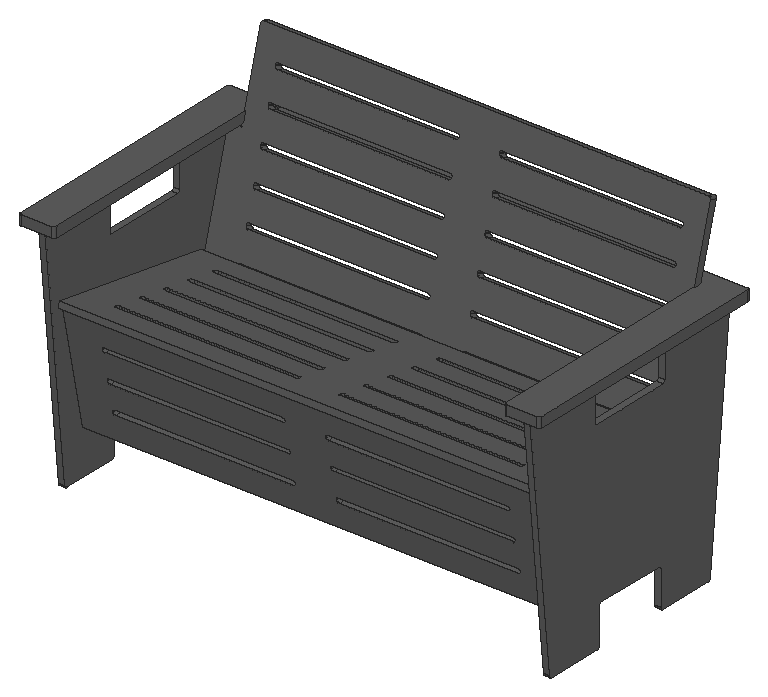
Revit family "Lollygagger Go Love Seat", category Furniture, Revit 2016
Family settings
  OmniClass Number = 23.40.20.00
  OmniClass Title = General Furniture and Specialties
  Work Plane-Based = No
  Always vertical = Yes
  Cut with Voids When Loaded = No
  Shared = No
  Room Calculation Point = No
Parameters (values of type "Loll-Black")
  Width = 2' - 2"  # constant formula
  URL = "https://lolldesigns.com/"
  Type Image = go_loveseat.jpg
  Thick = 0' - 1"  # constant formula
  Model = ""
  Manufacturer = "Lool"  # constant formula
  Length = 4' - 3 1/2"  # constant formula
  Height Top = 2' - 1"  # constant formula
  Finish Material = Loll-Black
  Apron = 1' - 8"  # constant formula
Reference planes (in)
  plane 1 "Center Front/Back": y = 0
  plane 2: z = 0
  plane 3 "Center Left/Right": x = 0
  plane 4: z = 25
  plane 5: z = 24
  plane 6: y = 13
  plane 7: y = -13
  plane 8: z = 4
  plane 9: x = -25.75
  plane 10: x = 25.75
  plane 11: y = 9.97754
  plane 12: y = -9.97778
  plane 13: x = 24.3125
  plane 14: x = 23.6875
  plane 15: x = -24.3125
  plane 16: x = -23.6875
  plane 17: x = -22.25
  plane 18: x = 22.25
  plane 19: through (0, 12.64166, 32.11792) normal (0, -0.9613, 0.2756)
  plane 20: through (0, 13.24245, 31.94564) normal (0, -0.9613, 0.2756)
  plane 21: through (-60.54339, -180.30144, 46.90656) normal (0, 0.1736, 0.9848)
  plane 22: through (-60.54339, -180.40997, 46.29106) normal (0, 0.1736, 0.9848)
Forms (in)
  Extrusion 1, solid, material "Loll-Black" <- "Finish Material"
    sketch origin (8.0625, 0.28155, 0) x (1, 0, 0) y (0, 1, 0)
      loop
        arc (-33.5633, 12.71845) -> (-33.73951, 12.64546) -> (-33.8125, 12.46925) r 0.2492
        line (-33.8125, 12.46925) -> (-33.8125, -13.03428)
        arc (-33.8125, -13.03428) -> (-33.74008, -13.20912) -> (-33.56523, -13.28155) r 0.24727
        line (-33.56523, -13.28155) -> (-30.55977, -13.28155)
        arc (-30.55977, -13.28155) -> (-30.38492, -13.20912) -> (-30.3125, -13.03428) r 0.24727
        line (-30.3125, -13.03428) -> (-30.3125, 10.72442)
        arc (-30.3125, 10.72442) -> (-30.23928, 10.9012) -> (-30.0625, 10.97442) r 0.25
        line (-30.0625, 10.97442) -> (-29.0625, 10.97442)
        arc (-29.0625, 10.97442) -> (-28.88572, 11.04765) -> (-28.8125, 11.22442) r 0.25
        line (-28.8125, 11.22442) -> (-28.8125, 12.46925)
        arc (-28.8125, 12.46925) -> (-28.88549, 12.64546) -> (-29.0617, 12.71845) r 0.2492
        line (-29.0617, 12.71845) -> (-33.5633, 12.71845)
    from 24 to 25
  Extrusion 2, solid, material "Loll-Black" <- "Finish Material"
    sketch origin (-10.5, 0, 0) x (0, 1, 0) y (0, 0, 1)
      loop
        line (12.39892, 24) -> (4.37245, 24) -> (4.37245, 20.25)
        arc (4.37245, 20.25) -> (4.29923, 20.07322) -> (4.12245, 20) r 0.25
        line (4.12245, 20) -> (-4.12245, 20)
        arc (-4.12245, 20) -> (-4.29923, 20.07322) -> (-4.37245, 20.25) r 0.25
        line (-4.37245, 20.25) -> (-4.37245, 24) -> (-12.39892, 24) -> (-9.89994, 0.22387)
        arc (-9.89994, 0.22387) -> (-9.8186, 0.06421) -> (-9.65131, 0) r 0.25
        line (-9.65131, 0) -> (-4.12623, 0)
        arc (-4.12623, 0) -> (-3.94945, 0.07322) -> (-3.87623, 0.25) r 0.25
        line (-3.87623, 0.25) -> (-3.87623, 3.76155)
        arc (-3.87623, 3.76155) -> (-3.803, 3.93832) -> (-3.62623, 4.01155) r 0.25
        line (-3.62623, 4.01155) -> (3.62623, 4.01155)
        arc (3.62623, 4.01155) -> (3.803, 3.93832) -> (3.87623, 3.76155) r 0.25
        line (3.87623, 3.76155) -> (3.87623, 0.24753)
        arc (3.87623, 0.24753) -> (3.94873, 0.0725) -> (4.12376, 0) r 0.24753
        line (4.12376, 0) -> (9.6536, 0)
        arc (9.6536, 0) -> (9.81918, 0.06356) -> (9.89971, 0.22159) r 0.24746
        line (9.89971, 0.22159) -> (12.39892, 24)
    from -13.8125 to -13.1875
  Extrusion 3, solid, material "Loll-Black" <- "Finish Material"
    sketch origin (-11.5, 5.46875, 16) x (1, 0, 0) y (0, -1, 0)
      loop
        line (-11.99511, 15.2162) -> (-12.99721, 15.2162)
        arc (-12.99721, 15.2162) -> (-13.6179, 14.9591) -> (-13.875, 14.33841) r 0.87779
        line (-13.875, 14.33841) -> (-13.875, 13.33174)
        arc (-13.875, 13.33174) -> (-13.62149, 12.71971) -> (-13.00946, 12.4662) r 0.86554
        line (-13.00946, 12.4662) -> (-11.99664, 12.4662)
        arc (-11.99664, 12.4662) -> (-11.3803, 12.7215) -> (-11.125, 13.33784) r 0.87164
        line (-11.125, 13.33784) -> (-11.125, 14.34609)
        arc (-11.125, 14.34609) -> (-11.37985, 14.96135) -> (-11.99511, 15.2162) r 0.87011
      loop
        circle (-11.62711, 13.83944) r 0.15388
      loop
        circle (-13.37289, 13.83944) r 0.15388
    from -8 to -7.75
  Extrusion 4, solid, material "Loll-Black" <- "Finish Material"
    sketch origin (-8.0625, 0.28155, 0) x (-1, 0, 0) y (0, -1, 0)
      loop
        line (-33.5633, -12.71845) -> (-29.0617, -12.71845)
        arc (-29.0617, -12.71845) -> (-28.88549, -12.64546) -> (-28.8125, -12.46925) r 0.2492
        line (-28.8125, -12.46925) -> (-28.8125, -11.22442)
        arc (-28.8125, -11.22442) -> (-28.88572, -11.04765) -> (-29.0625, -10.97442) r 0.25
        line (-29.0625, -10.97442) -> (-30.0625, -10.97442)
        arc (-30.0625, -10.97442) -> (-30.23928, -10.9012) -> (-30.3125, -10.72442) r 0.25
        line (-30.3125, -10.72442) -> (-30.3125, 13.03428)
        arc (-30.3125, 13.03428) -> (-30.38492, 13.20912) -> (-30.55977, 13.28155) r 0.24727
        line (-30.55977, 13.28155) -> (-33.56523, 13.28155)
        arc (-33.56523, 13.28155) -> (-33.74008, 13.20912) -> (-33.8125, 13.03428) r 0.24727
        line (-33.8125, 13.03428) -> (-33.8125, -12.46925)
        arc (-33.8125, -12.46925) -> (-33.73951, -12.64546) -> (-33.5633, -12.71845) r 0.2492
    from 24 to 25
  Extrusion 5, solid, material "Loll-Black" <- "Finish Material"
    sketch origin (-11.5, 21.33866, 16) x (1, 0, 0) y (0, -1, 0)
      loop
        line (-11.99511, 15.2162) -> (-12.99721, 15.2162)
        arc (-12.99721, 15.2162) -> (-13.6179, 14.9591) -> (-13.875, 14.33841) r 0.87779
        line (-13.875, 14.33841) -> (-13.875, 13.33174)
        arc (-13.875, 13.33174) -> (-13.62149, 12.71971) -> (-13.00946, 12.4662) r 0.86554
        line (-13.00946, 12.4662) -> (-11.99664, 12.4662)
        arc (-11.99664, 12.4662) -> (-11.3803, 12.7215) -> (-11.125, 13.33784) r 0.87164
        line (-11.125, 13.33784) -> (-11.125, 14.34609)
        arc (-11.125, 14.34609) -> (-11.37985, 14.96135) -> (-11.99511, 15.2162) r 0.87011
      loop
        circle (-11.62711, 13.83944) r 0.15388
      loop
        circle (-13.37289, 13.83944) r 0.15388
    from -8 to -7.75
  Extrusion 6, solid, material "Loll-Black" <- "Finish Material"
    sketch origin (11.5, 5.46875, 16) x (1, 0, 0) y (0, -1, 0)
      loop
        arc (11.99511, 15.2162) -> (11.37985, 14.96135) -> (11.125, 14.34609) r 0.87011
        line (11.125, 14.34609) -> (11.125, 13.33784)
        arc (11.125, 13.33784) -> (11.3803, 12.7215) -> (11.99664, 12.4662) r 0.87164
        line (11.99664, 12.4662) -> (13.00946, 12.4662)
        arc (13.00946, 12.4662) -> (13.62149, 12.71971) -> (13.875, 13.33174) r 0.86554
        line (13.875, 13.33174) -> (13.875, 14.33841)
        arc (13.875, 14.33841) -> (13.6179, 14.9591) -> (12.99721, 15.2162) r 0.87779
        line (12.99721, 15.2162) -> (11.99511, 15.2162)
      loop
        circle (11.62711, 13.83944) r 0.15388
      loop
        circle (13.37289, 13.83944) r 0.15388
    from -8 to -7.75
  Extrusion 7, solid, material "Loll-Black" <- "Finish Material"
    sketch origin (11.5, 21.33866, 16) x (1, 0, 0) y (0, -1, 0)
      loop
        arc (11.99511, 15.2162) -> (11.37985, 14.96135) -> (11.125, 14.34609) r 0.87011
        line (11.125, 14.34609) -> (11.125, 13.33784)
        arc (11.125, 13.33784) -> (11.3803, 12.7215) -> (11.99664, 12.4662) r 0.87164
        line (11.99664, 12.4662) -> (13.00946, 12.4662)
        arc (13.00946, 12.4662) -> (13.62149, 12.71971) -> (13.875, 13.33174) r 0.86554
        line (13.875, 13.33174) -> (13.875, 14.33841)
        arc (13.875, 14.33841) -> (13.6179, 14.9591) -> (12.99721, 15.2162) r 0.87779
        line (12.99721, 15.2162) -> (11.99511, 15.2162)
      loop
        circle (11.62711, 13.83944) r 0.15388
      loop
        circle (13.37289, 13.83944) r 0.15388
    from -8 to -7.75
  Extrusion 8, solid, material "Loll-Black" <- "Finish Material"
    sketch origin (21.6575, -11.94341, 4.54353) x (1, 0, 0) y (0, 0.984808, -0.173648)
      loop
        line (-45.345, 16.82099) -> (-45.345, -0.92901) -> (2.03, -0.92901) -> (2.03, 16.82099) -> (-45.345, 16.82099)
      loop
        line (-41.595, 13.76891) -> (-23.9075, 13.76891)
        arc (-23.9075, 13.76891) -> (-23.73072, 13.84213) -> (-23.6575, 14.01891) r 0.25
        line (-23.6575, 14.01891) -> (-23.6575, 14.08141)
        arc (-23.6575, 14.08141) -> (-23.73072, 14.25818) -> (-23.9075, 14.33141) r 0.25
        line (-23.9075, 14.33141) -> (-41.595, 14.33141)
        arc (-41.595, 14.33141) -> (-41.77178, 14.25818) -> (-41.845, 14.08141) r 0.25
        line (-41.845, 14.08141) -> (-41.845, 14.01891)
        arc (-41.845, 14.01891) -> (-41.77178, 13.84213) -> (-41.595, 13.76891) r 0.25
      loop
        line (-1.72, 14.33141) -> (-19.4075, 14.33141)
        arc (-19.4075, 14.33141) -> (-19.58428, 14.25818) -> (-19.6575, 14.08141) r 0.25
        line (-19.6575, 14.08141) -> (-19.6575, 14.01891)
        arc (-19.6575, 14.01891) -> (-19.58428, 13.84213) -> (-19.4075, 13.76891) r 0.25
        line (-19.4075, 13.76891) -> (-1.72, 13.76891)
        arc (-1.72, 13.76891) -> (-1.54322, 13.84213) -> (-1.47, 14.01891) r 0.25
        line (-1.47, 14.01891) -> (-1.47, 14.08141)
        arc (-1.47, 14.08141) -> (-1.54322, 14.25818) -> (-1.72, 14.33141) r 0.25
      loop
        line (-41.595, 10.71682) -> (-23.9075, 10.71682)
        arc (-23.9075, 10.71682) -> (-23.73072, 10.79005) -> (-23.6575, 10.96682) r 0.25
        line (-23.6575, 10.96682) -> (-23.6575, 11.02932)
        arc (-23.6575, 11.02932) -> (-23.73072, 11.2061) -> (-23.9075, 11.27932) r 0.25
        line (-23.9075, 11.27932) -> (-41.595, 11.27932)
        arc (-41.595, 11.27932) -> (-41.77178, 11.2061) -> (-41.845, 11.02932) r 0.25
        line (-41.845, 11.02932) -> (-41.845, 10.96682)
        arc (-41.845, 10.96682) -> (-41.77178, 10.79005) -> (-41.595, 10.71682) r 0.25
      loop
        line (-1.72, 11.27932) -> (-19.4075, 11.27932)
        arc (-19.4075, 11.27932) -> (-19.58428, 11.2061) -> (-19.6575, 11.02932) r 0.25
        line (-19.6575, 11.02932) -> (-19.6575, 10.96682)
        arc (-19.6575, 10.96682) -> (-19.58428, 10.79005) -> (-19.4075, 10.71682) r 0.25
        line (-19.4075, 10.71682) -> (-1.72, 10.71682)
        arc (-1.72, 10.71682) -> (-1.54322, 10.79005) -> (-1.47, 10.96682) r 0.25
        line (-1.47, 10.96682) -> (-1.47, 11.02932)
        arc (-1.47, 11.02932) -> (-1.54322, 11.2061) -> (-1.72, 11.27932) r 0.25
      loop
        line (-41.595, 4.61266) -> (-23.9075, 4.61266)
        arc (-23.9075, 4.61266) -> (-23.73072, 4.68588) -> (-23.6575, 4.86266) r 0.25
        line (-23.6575, 4.86266) -> (-23.6575, 4.92516)
        arc (-23.6575, 4.92516) -> (-23.73072, 5.10193) -> (-23.9075, 5.17516) r 0.25
        line (-23.9075, 5.17516) -> (-41.595, 5.17516)
        arc (-41.595, 5.17516) -> (-41.77178, 5.10193) -> (-41.845, 4.92516) r 0.25
        line (-41.845, 4.92516) -> (-41.845, 4.86266)
        arc (-41.845, 4.86266) -> (-41.77178, 4.68588) -> (-41.595, 4.61266) r 0.25
      loop
        line (-1.72, 5.17516) -> (-19.4075, 5.17516)
        arc (-19.4075, 5.17516) -> (-19.58428, 5.10193) -> (-19.6575, 4.92516) r 0.25
        line (-19.6575, 4.92516) -> (-19.6575, 4.86266)
        arc (-19.6575, 4.86266) -> (-19.58428, 4.68588) -> (-19.4075, 4.61266) r 0.25
        line (-19.4075, 4.61266) -> (-1.72, 4.61266)
        arc (-1.72, 4.61266) -> (-1.54322, 4.68588) -> (-1.47, 4.86266) r 0.25
        line (-1.47, 4.86266) -> (-1.47, 4.92516)
        arc (-1.47, 4.92516) -> (-1.54322, 5.10193) -> (-1.72, 5.17516) r 0.25
      loop
        arc (-1.72, 7.66474) -> (-1.54322, 7.73796) -> (-1.47, 7.91474) r 0.25
        line (-1.47, 7.91474) -> (-1.47, 7.97724)
        arc (-1.47, 7.97724) -> (-1.54322, 8.15402) -> (-1.72, 8.22724) r 0.25
        line (-1.72, 8.22724) -> (-19.4075, 8.22724)
        arc (-19.4075, 8.22724) -> (-19.58428, 8.15402) -> (-19.6575, 7.97724) r 0.25
        line (-19.6575, 7.97724) -> (-19.6575, 7.91474)
        arc (-19.6575, 7.91474) -> (-19.58428, 7.73796) -> (-19.4075, 7.66474) r 0.25
        line (-19.4075, 7.66474) -> (-1.72, 7.66474)
      loop
        arc (-23.9075, 7.66474) -> (-23.73072, 7.73796) -> (-23.6575, 7.91474) r 0.25
        line (-23.6575, 7.91474) -> (-23.6575, 7.97724)
        arc (-23.6575, 7.97724) -> (-23.73072, 8.15402) -> (-23.9075, 8.22724) r 0.25
        line (-23.9075, 8.22724) -> (-41.595, 8.22724)
        arc (-41.595, 8.22724) -> (-41.77178, 8.15402) -> (-41.845, 7.97724) r 0.25
        line (-41.845, 7.97724) -> (-41.845, 7.91474)
        arc (-41.845, 7.91474) -> (-41.77178, 7.73796) -> (-41.595, 7.66474) r 0.25
        line (-41.595, 7.66474) -> (-23.9075, 7.66474)
      loop
        line (-41.595, 1.56057) -> (-23.9075, 1.56057)
        arc (-23.9075, 1.56057) -> (-23.73072, 1.6338) -> (-23.6575, 1.81057) r 0.25
        line (-23.6575, 1.81057) -> (-23.6575, 1.87307)
        arc (-23.6575, 1.87307) -> (-23.73072, 2.04985) -> (-23.9075, 2.12307) r 0.25
        line (-23.9075, 2.12307) -> (-41.595, 2.12307)
        arc (-41.595, 2.12307) -> (-41.77178, 2.04985) -> (-41.845, 1.87307) r 0.25
        line (-41.845, 1.87307) -> (-41.845, 1.81057)
        arc (-41.845, 1.81057) -> (-41.77178, 1.6338) -> (-41.595, 1.56057) r 0.25
      loop
        line (-1.72, 2.12307) -> (-19.4075, 2.12307)
        arc (-19.4075, 2.12307) -> (-19.58428, 2.04985) -> (-19.6575, 1.87307) r 0.25
        line (-19.6575, 1.87307) -> (-19.6575, 1.81057)
        arc (-19.6575, 1.81057) -> (-19.58428, 1.6338) -> (-19.4075, 1.56057) r 0.25
        line (-19.4075, 1.56057) -> (-1.72, 1.56057)
        arc (-1.72, 1.56057) -> (-1.54322, 1.6338) -> (-1.47, 1.81057) r 0.25
        line (-1.47, 1.81057) -> (-1.47, 1.87307)
        arc (-1.47, 1.87307) -> (-1.54322, 2.04985) -> (-1.72, 2.12307) r 0.25
    from 11.85938 to 12.48438
  Extrusion 9, solid, material "Loll-Black" <- "Finish Material"
    sketch origin (0.03, 4.39952, 10.79845) x (1, 0, 0) y (0, -0.173648, -0.984808)
      loop
        line (-23.7175, -2.86157) -> (23.6575, -2.86157) -> (23.6575, 0.70093) -> (-23.7175, 0.70093) -> (-23.7175, -2.86157)
    from 0 to -0.625
  Extrusion 10, solid, material "Loll-Black" <- "Finish Material"
    sketch origin (-23.6875, -2.25088, 5.52508) x (0, -0.984808, 0.173648) y (0, -0.173648, -0.984808)
      loop
        line (-2.06998, -9.20965) -> (4.93012, -9.20965) -> (4.93366, -8.55868)
        arc (4.93366, -8.55868) -> (4.67981, -7.93627) -> (4.0602, -7.67567) r 0.87825
        line (4.0602, -7.67567) -> (-1.18598, -7.64715)
        arc (-1.18598, -7.64715) -> (-1.80643, -7.90021) -> (-2.06622, -8.51787) r 0.8755
        line (-2.06622, -8.51787) -> (-2.06998, -9.20965)
      loop
        circle (-0.56302, -8.25597) r 0.15567
      loop
        circle (3.43692, -8.27771) r 0.15567
    from 0 to 0.625
  Extrusion 11, solid, material "Loll-Black" <- "Finish Material"
    sketch origin (23.6875, -2.25088, 5.52508) x (0, -0.984808, 0.173648) y (0, 0.173648, 0.984808)
      loop
        line (-2.06998, 9.20965) -> (-2.06622, 8.51787)
        arc (-2.06622, 8.51787) -> (-1.80643, 7.90021) -> (-1.18598, 7.64715) r 0.8755
        line (-1.18598, 7.64715) -> (4.0602, 7.67567)
        arc (4.0602, 7.67567) -> (4.67981, 7.93627) -> (4.93366, 8.55868) r 0.87825
        line (4.93366, 8.55868) -> (4.93012, 9.20965) -> (-2.06998, 9.20965)
      loop
        circle (-0.56302, 8.25597) r 0.15567
      loop
        circle (3.43692, 8.27771) r 0.15567
    from 0 to 0.625
  Extrusion 12, solid, material "Loll-Black" <- "Finish Material"
    sketch origin (0, -8.98944, 8.97322) x (0, 0.207912, -0.978148) y (-1, 0, 0)
      loop
        line (4.55366, 23.6875) -> (-7.32134, 23.6875) -> (-7.32134, -23.6875) -> (4.55366, -23.6875) -> (4.55366, 23.6875)
      loop
        arc (-4.3056, 19.875) -> (-4.37882, 20.05178) -> (-4.5556, 20.125) r 0.25
        line (-4.5556, 20.125) -> (-4.59373, 20.125)
        arc (-4.59373, 20.125) -> (-4.78782, 20.04461) -> (-4.86821, 19.85052) r 0.27448
        line (-4.86821, 19.85052) -> (-4.86821, 2.25)
        arc (-4.86821, 2.25) -> (-4.79499, 2.07322) -> (-4.61821, 2) r 0.25
        line (-4.61821, 2) -> (-4.5556, 2)
        arc (-4.5556, 2) -> (-4.37882, 2.07322) -> (-4.3056, 2.25) r 0.25
        line (-4.3056, 2.25) -> (-4.3056, 19.875)
      loop
        arc (-4.86821, -20) -> (-4.79499, -20.17678) -> (-4.61821, -20.25) r 0.25
        line (-4.61821, -20.25) -> (-4.58084, -20.25)
        arc (-4.58084, -20.25) -> (-4.38621, -20.16938) -> (-4.3056, -19.97475) r 0.27525
        line (-4.3056, -19.97475) -> (-4.3056, -2.25)
        arc (-4.3056, -2.25) -> (-4.37882, -2.07322) -> (-4.5556, -2) r 0.25
        line (-4.5556, -2) -> (-4.61821, -2)
        arc (-4.61821, -2) -> (-4.79499, -2.07322) -> (-4.86821, -2.25) r 0.25
        line (-4.86821, -2.25) -> (-4.86821, -20)
      loop
        arc (-1.16497, 19.875) -> (-1.2382, 20.05178) -> (-1.41497, 20.125) r 0.25
        line (-1.41497, 20.125) -> (-1.45311, 20.125)
        arc (-1.45311, 20.125) -> (-1.64719, 20.04461) -> (-1.72759, 19.85052) r 0.27448
        line (-1.72759, 19.85052) -> (-1.72759, 2.25)
        arc (-1.72759, 2.25) -> (-1.65436, 2.07322) -> (-1.47759, 2) r 0.25
        line (-1.47759, 2) -> (-1.41497, 2)
        arc (-1.41497, 2) -> (-1.2382, 2.07322) -> (-1.16497, 2.25) r 0.25
        line (-1.16497, 2.25) -> (-1.16497, 19.875)
      loop
        arc (-1.72759, -20) -> (-1.65436, -20.17678) -> (-1.47759, -20.25) r 0.25
        line (-1.47759, -20.25) -> (-1.44022, -20.25)
        arc (-1.44022, -20.25) -> (-1.24559, -20.16938) -> (-1.16497, -19.97475) r 0.27525
        line (-1.16497, -19.97475) -> (-1.16497, -2.25)
        arc (-1.16497, -2.25) -> (-1.2382, -2.07322) -> (-1.41497, -2) r 0.25
        line (-1.41497, -2) -> (-1.47759, -2)
        arc (-1.47759, -2) -> (-1.65436, -2.07322) -> (-1.72759, -2.25) r 0.25
        line (-1.72759, -2.25) -> (-1.72759, -20)
      loop
        arc (1.97565, 19.875) -> (1.90243, 20.05178) -> (1.72565, 20.125) r 0.25
        line (1.72565, 20.125) -> (1.68752, 20.125)
        arc (1.68752, 20.125) -> (1.49343, 20.04461) -> (1.41304, 19.85052) r 0.27448
        line (1.41304, 19.85052) -> (1.41304, 2.25)
        arc (1.41304, 2.25) -> (1.48626, 2.07322) -> (1.66304, 2) r 0.25
        line (1.66304, 2) -> (1.72565, 2)
        arc (1.72565, 2) -> (1.90243, 2.07322) -> (1.97565, 2.25) r 0.25
        line (1.97565, 2.25) -> (1.97565, 19.875)
      loop
        arc (1.41304, -20) -> (1.48626, -20.17678) -> (1.66304, -20.25) r 0.25
        line (1.66304, -20.25) -> (1.70041, -20.25)
        arc (1.70041, -20.25) -> (1.89504, -20.16938) -> (1.97565, -19.97475) r 0.27525
        line (1.97565, -19.97475) -> (1.97565, -2.25)
        arc (1.97565, -2.25) -> (1.90243, -2.07322) -> (1.72565, -2) r 0.25
        line (1.72565, -2) -> (1.66304, -2)
        arc (1.66304, -2) -> (1.48626, -2.07322) -> (1.41304, -2.25) r 0.25
        line (1.41304, -2.25) -> (1.41304, -20)
    from 0.86554 to 0.24054
  Extrusion 13, solid, material "Loll-Black" <- "Finish Material"
    sketch origin (0, 5.96335, 5.67793) x (0, -0.275637, -0.961262) y (1, 0, 0)
      loop
        line (1.74346, -23.6875) -> (1.74346, 23.6875) -> (-18.54654, 23.6875) -> (-18.54654, 22.25) -> (-27.00654, 22.25)
        arc (-27.00654, 22.25) -> (-27.18332, 22.17678) -> (-27.25654, 22) r 0.25
        line (-27.25654, 22) -> (-27.25654, -22)
        arc (-27.25654, -22) -> (-27.18332, -22.17678) -> (-27.00654, -22.25) r 0.25
        line (-27.00654, -22.25) -> (-18.54654, -22.25) -> (-18.54654, -23.6875) -> (1.74346, -23.6875)
      loop
        arc (-23.97182, 19.97888) -> (-24.03292, 20.1264) -> (-24.18043, 20.1875) r 0.20862
        line (-24.18043, 20.1875) -> (-24.25632, 20.1875)
        arc (-24.25632, 20.1875) -> (-24.45289, 20.10608) -> (-24.53432, 19.90951) r 0.27799
        line (-24.53432, 19.90951) -> (-24.53432, 2.25)
        arc (-24.53432, 2.25) -> (-24.46109, 2.07322) -> (-24.28432, 2) r 0.25
        line (-24.28432, 2) -> (-24.22182, 2)
        arc (-24.22182, 2) -> (-24.04504, 2.07322) -> (-23.97182, 2.25) r 0.25
        line (-23.97182, 2.25) -> (-23.97182, 19.97888)
      loop
        line (-24.28432, -20.1875) -> (-24.22182, -20.1875)
        arc (-24.22182, -20.1875) -> (-24.04504, -20.11428) -> (-23.97182, -19.9375) r 0.25
        line (-23.97182, -19.9375) -> (-23.97182, -2.25)
        arc (-23.97182, -2.25) -> (-24.04504, -2.07322) -> (-24.22182, -2) r 0.25
        line (-24.22182, -2) -> (-24.28432, -2)
        arc (-24.28432, -2) -> (-24.46109, -2.07322) -> (-24.53432, -2.25) r 0.25
        line (-24.53432, -2.25) -> (-24.53432, -19.9375)
        arc (-24.53432, -19.9375) -> (-24.46109, -20.11428) -> (-24.28432, -20.1875) r 0.25
      loop
        arc (-20.68709, 19.97888) -> (-20.7482, 20.1264) -> (-20.89571, 20.1875) r 0.20862
        line (-20.89571, 20.1875) -> (-20.9716, 20.1875)
        arc (-20.9716, 20.1875) -> (-21.16817, 20.10608) -> (-21.24959, 19.90951) r 0.27799
        line (-21.24959, 19.90951) -> (-21.24959, 2.25)
        arc (-21.24959, 2.25) -> (-21.17637, 2.07322) -> (-20.99959, 2) r 0.25
        line (-20.99959, 2) -> (-20.93709, 2)
        arc (-20.93709, 2) -> (-20.76032, 2.07322) -> (-20.68709, 2.25) r 0.25
        line (-20.68709, 2.25) -> (-20.68709, 19.97888)
      loop
        line (-20.99959, -20.1875) -> (-20.93709, -20.1875)
        arc (-20.93709, -20.1875) -> (-20.76032, -20.11428) -> (-20.68709, -19.9375) r 0.25
        line (-20.68709, -19.9375) -> (-20.68709, -2.25)
        arc (-20.68709, -2.25) -> (-20.76032, -2.07322) -> (-20.93709, -2) r 0.25
        line (-20.93709, -2) -> (-20.99959, -2)
        arc (-20.99959, -2) -> (-21.17637, -2.07322) -> (-21.24959, -2.25) r 0.25
        line (-21.24959, -2.25) -> (-21.24959, -19.9375)
        arc (-21.24959, -19.9375) -> (-21.17637, -20.11428) -> (-20.99959, -20.1875) r 0.25
      loop
        arc (-17.40237, 19.97888) -> (-17.46347, 20.1264) -> (-17.61099, 20.1875) r 0.20862
        line (-17.61099, 20.1875) -> (-17.68688, 20.1875)
        arc (-17.68688, 20.1875) -> (-17.88345, 20.10608) -> (-17.96487, 19.90951) r 0.27799
        line (-17.96487, 19.90951) -> (-17.96487, 2.25)
        arc (-17.96487, 2.25) -> (-17.89165, 2.07322) -> (-17.71487, 2) r 0.25
        line (-17.71487, 2) -> (-17.65237, 2)
        arc (-17.65237, 2) -> (-17.4756, 2.07322) -> (-17.40237, 2.25) r 0.25
        line (-17.40237, 2.25) -> (-17.40237, 19.97888)
      loop
        line (-17.71487, -20.1875) -> (-17.65237, -20.1875)
        arc (-17.65237, -20.1875) -> (-17.4756, -20.11428) -> (-17.40237, -19.9375) r 0.25
        line (-17.40237, -19.9375) -> (-17.40237, -2.25)
        arc (-17.40237, -2.25) -> (-17.4756, -2.07322) -> (-17.65237, -2) r 0.25
        line (-17.65237, -2) -> (-17.71487, -2)
        arc (-17.71487, -2) -> (-17.89165, -2.07322) -> (-17.96487, -2.25) r 0.25
        line (-17.96487, -2.25) -> (-17.96487, -19.9375)
        arc (-17.96487, -19.9375) -> (-17.89165, -20.11428) -> (-17.71487, -20.1875) r 0.25
      loop
        arc (-14.11765, 19.97888) -> (-14.17875, 20.1264) -> (-14.32627, 20.1875) r 0.20862
        line (-14.32627, 20.1875) -> (-14.40216, 20.1875)
        arc (-14.40216, 20.1875) -> (-14.59873, 20.10608) -> (-14.68015, 19.90951) r 0.27799
        line (-14.68015, 19.90951) -> (-14.68015, 2.25)
        arc (-14.68015, 2.25) -> (-14.60693, 2.07322) -> (-14.43015, 2) r 0.25
        line (-14.43015, 2) -> (-14.36765, 2)
        arc (-14.36765, 2) -> (-14.19087, 2.07322) -> (-14.11765, 2.25) r 0.25
        line (-14.11765, 2.25) -> (-14.11765, 19.97888)
      loop
        line (-14.43015, -20.1875) -> (-14.36765, -20.1875)
        arc (-14.36765, -20.1875) -> (-14.19087, -20.11428) -> (-14.11765, -19.9375) r 0.25
        line (-14.11765, -19.9375) -> (-14.11765, -2.25)
        arc (-14.11765, -2.25) -> (-14.19087, -2.07322) -> (-14.36765, -2) r 0.25
        line (-14.36765, -2) -> (-14.43015, -2)
        arc (-14.43015, -2) -> (-14.60693, -2.07322) -> (-14.68015, -2.25) r 0.25
        line (-14.68015, -2.25) -> (-14.68015, -19.9375)
        arc (-14.68015, -19.9375) -> (-14.60693, -20.11428) -> (-14.43015, -20.1875) r 0.25
      loop
        arc (-10.83293, 19.97888) -> (-10.89403, 20.1264) -> (-11.04154, 20.1875) r 0.20862
        line (-11.04154, 20.1875) -> (-11.11744, 20.1875)
        arc (-11.11744, 20.1875) -> (-11.31401, 20.10608) -> (-11.39543, 19.90951) r 0.27799
        line (-11.39543, 19.90951) -> (-11.39543, 2.25)
        arc (-11.39543, 2.25) -> (-11.3222, 2.07322) -> (-11.14543, 2) r 0.25
        line (-11.14543, 2) -> (-11.08293, 2)
        arc (-11.08293, 2) -> (-10.90615, 2.07322) -> (-10.83293, 2.25) r 0.25
        line (-10.83293, 2.25) -> (-10.83293, 19.97888)
      loop
        line (-11.14543, -20.1875) -> (-11.08293, -20.1875)
        arc (-11.08293, -20.1875) -> (-10.90615, -20.11428) -> (-10.83293, -19.9375) r 0.25
        line (-10.83293, -19.9375) -> (-10.83293, -2.25)
        arc (-10.83293, -2.25) -> (-10.90615, -2.07322) -> (-11.08293, -2) r 0.25
        line (-11.08293, -2) -> (-11.14543, -2)
        arc (-11.14543, -2) -> (-11.3222, -2.07322) -> (-11.39543, -2.25) r 0.25
        line (-11.39543, -2.25) -> (-11.39543, -19.9375)
        arc (-11.39543, -19.9375) -> (-11.3222, -20.11428) -> (-11.14543, -20.1875) r 0.25
      loop
        arc (-7.48746, 19.97888) -> (-7.54856, 20.1264) -> (-7.69607, 20.1875) r 0.20862
        line (-7.69607, 20.1875) -> (-7.77196, 20.1875)
        arc (-7.77196, 20.1875) -> (-7.96853, 20.10608) -> (-8.04996, 19.90951) r 0.27799
        line (-8.04996, 19.90951) -> (-8.04996, 2.25)
        arc (-8.04996, 2.25) -> (-7.97673, 2.07322) -> (-7.79996, 2) r 0.25
        line (-7.79996, 2) -> (-7.73746, 2)
        arc (-7.73746, 2) -> (-7.56068, 2.07322) -> (-7.48746, 2.25) r 0.25
        line (-7.48746, 2.25) -> (-7.48746, 19.97888)
      loop
        line (-7.79996, -20.1875) -> (-7.73746, -20.1875)
        arc (-7.73746, -20.1875) -> (-7.56068, -20.11428) -> (-7.48746, -19.9375) r 0.25
        line (-7.48746, -19.9375) -> (-7.48746, -2.25)
        arc (-7.48746, -2.25) -> (-7.56068, -2.07322) -> (-7.73746, -2) r 0.25
        line (-7.73746, -2) -> (-7.79996, -2)
        arc (-7.79996, -2) -> (-7.97673, -2.07322) -> (-8.04996, -2.25) r 0.25
        line (-8.04996, -2.25) -> (-8.04996, -19.9375)
        arc (-8.04996, -19.9375) -> (-7.97673, -20.11428) -> (-7.79996, -20.1875) r 0.25
      loop
        arc (-4.26523, 19.97888) -> (-4.32634, 20.1264) -> (-4.47385, 20.1875) r 0.20862
        line (-4.47385, 20.1875) -> (-4.54799, 20.1875)
        arc (-4.54799, 20.1875) -> (-4.74456, 20.10608) -> (-4.82598, 19.90951) r 0.27799
        line (-4.82598, 19.90951) -> (-4.82598, 2.25)
        arc (-4.82598, 2.25) -> (-4.75276, 2.07322) -> (-4.57598, 2) r 0.25
        line (-4.57598, 2) -> (-4.51523, 2)
        arc (-4.51523, 2) -> (-4.33846, 2.07322) -> (-4.26523, 2.25) r 0.25
        line (-4.26523, 2.25) -> (-4.26523, 19.97888)
      loop
        line (-4.57598, -20.1875) -> (-4.51348, -20.1875)
        arc (-4.51348, -20.1875) -> (-4.33671, -20.11428) -> (-4.26348, -19.9375) r 0.25
        line (-4.26348, -19.9375) -> (-4.26348, -2.25)
        arc (-4.26348, -2.25) -> (-4.33671, -2.07322) -> (-4.51348, -2) r 0.25
        line (-4.51348, -2) -> (-4.57598, -2)
        arc (-4.57598, -2) -> (-4.75276, -2.07322) -> (-4.82598, -2.25) r 0.25
        line (-4.82598, -2.25) -> (-4.82598, -19.9375)
        arc (-4.82598, -19.9375) -> (-4.75276, -20.11428) -> (-4.57598, -20.1875) r 0.25
      loop
        arc (-0.97876, 19.97888) -> (-1.03986, 20.1264) -> (-1.18738, 20.1875) r 0.20862
        line (-1.18738, 20.1875) -> (-1.26327, 20.1875)
        arc (-1.26327, 20.1875) -> (-1.45984, 20.10608) -> (-1.54126, 19.90951) r 0.27799
        line (-1.54126, 19.90951) -> (-1.54126, 2.25)
        arc (-1.54126, 2.25) -> (-1.46804, 2.07322) -> (-1.29126, 2) r 0.25
        line (-1.29126, 2) -> (-1.22876, 2)
        arc (-1.22876, 2) -> (-1.05198, 2.07322) -> (-0.97876, 2.25) r 0.25
        line (-0.97876, 2.25) -> (-0.97876, 19.97888)
      loop
        line (-1.29126, -20.1875) -> (-1.22876, -20.1875)
        arc (-1.22876, -20.1875) -> (-1.05198, -20.11428) -> (-0.97876, -19.9375) r 0.25
        line (-0.97876, -19.9375) -> (-0.97876, -2.25)
        arc (-0.97876, -2.25) -> (-1.05198, -2.07322) -> (-1.22876, -2) r 0.25
        line (-1.22876, -2) -> (-1.29126, -2)
        arc (-1.29126, -2) -> (-1.46804, -2.07322) -> (-1.54126, -2.25) r 0.25
        line (-1.54126, -2.25) -> (-1.54126, -19.9375)
        arc (-1.54126, -19.9375) -> (-1.46804, -20.11428) -> (-1.29126, -20.1875) r 0.25
    from 0.86824 to 0.24324
  Extrusion 14, solid, material "Loll-Black" <- "Finish Material"
    sketch origin (-23.6875, -1.76831, 11.50626) x (0, -0.275637, -0.961262) y (0, 0.961262, -0.275637)
      loop
        line (-3.21359, 8.17041) -> (-3.20978, 7.46987)
        arc (-3.20978, 7.46987) -> (-2.94999, 6.85221) -> (-2.32954, 6.59915) r 0.8755
        line (-2.32954, 6.59915) -> (2.91664, 6.62767)
        arc (2.91664, 6.62767) -> (3.53625, 6.88827) -> (3.7901, 7.51068) r 0.87825
        line (3.7901, 7.51068) -> (3.78651, 8.17041) -> (-3.21359, 8.17041)
      loop
        circle (-1.7128, 7.23043) r 0.15567
      loop
        circle (2.29123, 7.22908) r 0.15567
    from 0 to 0.625
  Extrusion 15, solid, material "Loll-Black" <- "Finish Material"
    sketch origin (23.6875, -1.7759, 11.4798) x (0, -0.275637, -0.961262) y (0, -0.961262, 0.275637)
      loop
        line (-3.24111, -8.17041) -> (3.75899, -8.17041) -> (3.76261, -7.50529)
        arc (3.76261, -7.50529) -> (3.50876, -6.88288) -> (2.88915, -6.62228) r 0.87825
        line (2.88915, -6.62228) -> (-2.35703, -6.59376)
        arc (-2.35703, -6.59376) -> (-2.97748, -6.84682) -> (-3.23727, -7.46448) r 0.8755
        line (-3.23727, -7.46448) -> (-3.24111, -8.17041)
      loop
        circle (-1.73963, -7.22973) r 0.15567
      loop
        circle (2.26194, -7.23163) r 0.15567
    from 0 to 0.625
  Extrusion 16, solid, material "Loll-Black" <- "Finish Material"
    sketch origin (-23.6875, -0.69011, 13.06157) x (0, 0.207912, -0.978148) y (0, 0.978148, 0.207912)
      loop
        line (-2.67296, -8.10269) -> (4.32714, -8.10269) -> (4.33076, -7.4373)
        arc (4.33076, -7.4373) -> (4.07691, -6.8149) -> (3.4573, -6.55429) r 0.87825
        line (3.4573, -6.55429) -> (-1.78888, -6.52577)
        arc (-1.78888, -6.52577) -> (-2.40933, -6.77883) -> (-2.66912, -7.3965) r 0.8755
        line (-2.66912, -7.3965) -> (-2.67296, -8.10269)
      loop
        circle (-1.16601, -7.15249) r 0.15567
      loop
        circle (2.83393, -7.17424) r 0.15567
    from 0 to 0.625
  Extrusion 17, solid, material "Loll-Black" <- "Finish Material"
    sketch origin (23.6875, -0.6932, 12.49234) x (0, 0.207912, -0.978148) y (0, -0.978148, -0.207912)
      loop
        line (-3.22911, 7.98131) -> (-3.22527, 7.27512)
        arc (-3.22527, 7.27512) -> (-2.96548, 6.65746) -> (-2.34503, 6.4044) r 0.8755
        line (-2.34503, 6.4044) -> (2.90115, 6.43292)
        arc (2.90115, 6.43292) -> (3.52076, 6.69352) -> (3.77461, 7.31592) r 0.87825
        line (3.77461, 7.31592) -> (3.77099, 7.98131) -> (-3.22911, 7.98131)
      loop
        circle (-1.72216, 7.03111) r 0.15567
      loop
        circle (2.27778, 7.05286) r 0.15567
    from 0 to 0.625
  Extrusion 18, solid, material "Loll-Black" <- "Finish Material"
    sketch origin (11.25, -3.14948, 5.0487) x (0, -0.981627, 0.190808) y (0, 0.190808, 0.981627)
      loop
        line (-7.41287, 9.96572) -> (-7.41636, 9.76556)
        arc (-7.41636, 9.76556) -> (-7.48349, 9.59942) -> (-7.64454, 9.52087) r 0.25
        line (-7.64454, 9.52087) -> (-8.57348, 9.4396) -> (-8.1377, 4.45862) -> (5.76613, 5.67506)
        arc (5.76613, 5.67506) -> (5.82516, 5.673) -> (5.88193, 5.65672) r 0.24232
        line (5.88193, 5.65672) -> (6.64262, 5.33383) -> (8.49091, 9.68813) -> (-7.41287, 9.96572)
    from 10.9375 to 11.5625
  Extrusion 19, solid, material "Loll-Black" <- "Finish Material"
    sketch origin (0.03, 6.87925, 11.02024) x (-1, 0, 0) y (0, -0.275637, -0.961262)
      loop
        line (-0.45554, -0.51955) -> (0.53665, -0.51955)
        arc (0.53665, -0.51955) -> (1.15067, -0.26522) -> (1.405, 0.3488) r 0.86835
        line (1.405, 0.3488) -> (1.405, 1.38175)
        arc (1.405, 1.38175) -> (1.15642, 1.98187) -> (0.5563, 2.23045) r 0.8487
        line (0.5563, 2.23045) -> (-0.4713, 2.23045)
        arc (-0.4713, 2.23045) -> (-1.0891, 1.97455) -> (-1.345, 1.35675) r 0.8737
        line (-1.345, 1.35675) -> (-1.345, 0.36991)
        arc (-1.345, 0.36991) -> (-1.08448, -0.25903) -> (-0.45554, -0.51955) r 0.88946
      loop
        circle (-0.84701, 0.85233) r 0.15456
      loop
        circle (0.90701, 0.85233) r 0.15456
    from 0.27613 to 0.90113
  Extrusion 20, solid, material "Loll-Black" <- "Finish Material"
    sketch origin (0.03, -8.42815, 14.88306) x (-1, 0, 0) y (0, 0.207912, -0.978148)
      loop
        line (-0.47657, -0.51955) -> (0.51099, -0.51955)
        arc (0.51099, -0.51955) -> (1.14315, -0.2577) -> (1.405, 0.37446) r 0.89401
        line (1.405, 0.37446) -> (1.405, 1.38019)
        arc (1.405, 1.38019) -> (1.15597, 1.98142) -> (0.55474, 2.23045) r 0.85026
        line (0.55474, 2.23045) -> (-0.50418, 2.23045)
        arc (-0.50418, 2.23045) -> (-1.09873, 1.98418) -> (-1.345, 1.38963) r 0.84082
        line (-1.345, 1.38963) -> (-1.345, 0.34888)
        arc (-1.345, 0.34888) -> (-1.09064, -0.26519) -> (-0.47657, -0.51955) r 0.86843
      loop
        circle (0.89995, 0.86931) r 0.14972
      loop
        circle (-0.83995, 0.86931) r 0.14972
    from 0.28722 to 0.91184
  Extrusion 21, solid, material "Loll-Black" <- "Finish Material"
    sketch origin (21.6575, -9.88406, 16.22274) x (-1, 0, 0) y (0, 0.984808, -0.173648)
      loop
        line (20.2825, 9.11742) -> (20.2825, 8.11606)
        arc (20.2825, 8.11606) -> (20.53864, 7.49768) -> (21.15702, 7.24154) r 0.87452
        line (21.15702, 7.24154) -> (22.15705, 7.24154)
        arc (22.15705, 7.24154) -> (22.77609, 7.49795) -> (23.0325, 8.11699) r 0.87545
        line (23.0325, 8.11699) -> (23.0325, 9.12616)
        arc (23.0325, 9.12616) -> (22.77904, 9.73807) -> (22.16713, 9.99154) r 0.86537
        line (22.16713, 9.99154) -> (21.15661, 9.99154)
        arc (21.15661, 9.99154) -> (20.53852, 9.73551) -> (20.2825, 9.11742) r 0.87411
      loop
        circle (22.53882, 8.6187) r 0.15619
      loop
        circle (20.77618, 8.6187) r 0.15619
    from 0.62313 to 0.16087
  Extrusion 22, solid, material "Loll-Black" <- "Finish Material"
    sketch origin (0.5, 11.56753, 21.85405) x (0, 0, 1) y (0, -1, 0)
      loop
        line (1.89595, -1.82485) -> (1.89595, 0.67515) -> (-0.5072, 1.36424) -> (-0.6173, 0.9803)
        arc (-0.6173, 0.9803) -> (-0.59775, 0.80875) -> (-0.46263, 0.70128) r 0.22558
        line (-0.46263, 0.70128) -> (0.54659, 0.41189)
        arc (0.54659, 0.41189) -> (1.06959, 0.05244) -> (1.27095, -0.54938) r 1
        line (1.27095, -0.54938) -> (1.27095, -1.57485)
        arc (1.27095, -1.57485) -> (1.34418, -1.75163) -> (1.52095, -1.82485) r 0.25
        line (1.52095, -1.82485) -> (1.89595, -1.82485)
    from -1 to 0
  Extrusion 23, solid, material "Loll-Black" <- "Finish Material"
    sketch origin (18.87809, 33.56853, 0) x (1, 0, 0) y (0, 1, 0)
      loop
        spline (4.37191, -20.3153) -> (2.20327, -20.19323) -> (0.07665, -20.08265) -> (-2.00794, -19.98354) -> (-4.0505, -19.89592) -> (-6.05104, -19.81977) -> (-8.00955, -19.75511) -> (-9.92604, -19.70192) -> (-11.8005, -19.66022) -> (-13.63294, -19.62999) -> (-15.42335, -19.61125) -> (-17.17173, -19.60398) -> (-18.87809, -19.6082)
        spline (-18.87809, -19.6082) -> (-20.58446, -19.60398) -> (-22.33284, -19.61125) -> (-24.12325, -19.62999) -> (-25.95569, -19.66022) -> (-27.83015, -19.70192) -> (-29.74664, -19.75511) -> (-31.70515, -19.81977) -> (-33.70569, -19.89592) -> (-35.74825, -19.98354) -> (-37.83284, -20.08265) -> (-39.95946, -20.19323) -> (-42.12809, -20.3153)
        line (-42.12809, -20.3153) -> (-42.12809, -22.42103) -> (4.37191, -22.42103) -> (4.37191, -20.3153)
    from 23.75 to 24.75
  Extrusion 24, solid, material "Loll-Black" <- "Finish Material"
    sketch origin (10.5, 0, 0) x (0, 1, 0) y (0, 0, -1)
      loop
        line (12.39892, -24) -> (9.89971, -0.22159)
        arc (9.89971, -0.22159) -> (9.81918, -0.06356) -> (9.6536, 0) r 0.24746
        line (9.6536, 0) -> (4.12376, 0)
        arc (4.12376, 0) -> (3.94873, -0.0725) -> (3.87623, -0.24753) r 0.24753
        line (3.87623, -0.24753) -> (3.87623, -3.76155)
        arc (3.87623, -3.76155) -> (3.803, -3.93832) -> (3.62623, -4.01155) r 0.25
        line (3.62623, -4.01155) -> (-3.62623, -4.01155)
        arc (-3.62623, -4.01155) -> (-3.803, -3.93832) -> (-3.87623, -3.76155) r 0.25
        line (-3.87623, -3.76155) -> (-3.87623, -0.25)
        arc (-3.87623, -0.25) -> (-3.94945, -0.07322) -> (-4.12623, 0) r 0.25
        line (-4.12623, 0) -> (-9.65131, 0)
        arc (-9.65131, 0) -> (-9.8186, -0.06421) -> (-9.89994, -0.22387) r 0.25
        line (-9.89994, -0.22387) -> (-12.39892, -24) -> (-4.37245, -24) -> (-4.37245, -20.25)
        arc (-4.37245, -20.25) -> (-4.29923, -20.07322) -> (-4.12245, -20) r 0.25
        line (-4.12245, -20) -> (4.12245, -20)
        arc (4.12245, -20) -> (4.29923, -20.07322) -> (4.37245, -20.25) r 0.25
        line (4.37245, -20.25) -> (4.37245, -24) -> (12.39892, -24)
    from -13.8125 to -13.1875
Lines and regions (in)
  Masking region 1
    outline origin (0, 0, 0) x (1, 0, 0) y (0, 0, 1)
      loop
        line (-20.75, 25) -> (-25.75, 25) -> (-25.75, 24) -> (-20.75, 24) -> (-20.75, 25)
      loop
        line (25.75, 24) -> (25.75, 25) -> (20.75, 25) -> (20.75, 24) -> (25.75, 24)
  Masking region 2
    outline origin (0, 0, 0) x (0, 1, 0) y (0, 0, 1)
      loop
        line (13, 25) -> (-13, 25) -> (-13, 24) -> (13, 24) -> (13, 25)
  Masking region 3
    outline origin (0, 0, 0) x (0, 1, 0) y (0, 0, 1)
      loop
        line (-12.39892, 24) -> (-9.89994, 0.22387)
        arc (-9.89994, 0.22387) -> (-9.8186, 0.06421) -> (-9.65131, 0) r 0.25
        line (-9.65131, 0) -> (-4.12623, 0)
        arc (-4.12623, 0) -> (-3.94945, 0.07322) -> (-3.87623, 0.25) r 0.25
        line (-3.87623, 0.25) -> (-3.87623, 3.76155)
        arc (-3.87623, 3.76155) -> (-3.803, 3.93832) -> (-3.62623, 4.01155) r 0.25
        line (-3.62623, 4.01155) -> (3.62623, 4.01155)
        arc (3.62623, 4.01155) -> (3.803, 3.93832) -> (3.87623, 3.76155) r 0.25
        line (3.87623, 3.76155) -> (3.87623, 0.24753)
        arc (3.87623, 0.24753) -> (3.94873, 0.0725) -> (4.12376, 0) r 0.24753
        line (4.12376, 0) -> (9.6536, 0)
        arc (9.6536, 0) -> (9.81918, 0.06356) -> (9.89971, 0.22159) r 0.24746
        line (9.89971, 0.22159) -> (12.39892, 24) -> (4.37245, 24) -> (4.37245, 20.25)
        arc (4.37245, 20.25) -> (4.29923, 20.07322) -> (4.12245, 20) r 0.25
        line (4.12245, 20) -> (-4.12245, 20)
        arc (-4.12245, 20) -> (-4.29923, 20.07322) -> (-4.37245, 20.25) r 0.25
        line (-4.37245, 20.25) -> (-4.37245, 24) -> (-12.39892, 24)
      loop
        line (12.64166, 32.11792) -> (10.60063, 25) -> (11.25082, 25) -> (13.24245, 31.94564) -> (12.64166, 32.11792)
  Masking region 4
    outline origin (0, 0, 0) x (1, 0, 0) y (0, 1, 0)
      loop
        arc (-22.25, 12.7508) -> (-22.32299, 12.92701) -> (-22.4992, 13) r 0.2492
        line (-22.4992, 13) -> (-25.5008, 13)
        arc (-25.5008, 13) -> (-25.67701, 12.92701) -> (-25.75, 12.7508) r 0.2492
        line (-25.75, 12.7508) -> (-25.75, -12.75)
        arc (-25.75, -12.75) -> (-25.67678, -12.92678) -> (-25.5, -13) r 0.25
        line (-25.5, -13) -> (-22.5, -13)
        arc (-22.5, -13) -> (-22.32322, -12.92678) -> (-22.25, -12.75) r 0.25
        line (-22.25, -12.75) -> (-22.25, 12.7508)
      loop
        line (22.25, 12.75) -> (22.25, -12.75)
        arc (22.25, -12.75) -> (22.32322, -12.92678) -> (22.5, -13) r 0.25
        line (22.5, -13) -> (25.5, -13)
        arc (25.5, -13) -> (25.67678, -12.92678) -> (25.75, -12.75) r 0.25
        line (25.75, -12.75) -> (25.75, 12.75)
        arc (25.75, 12.75) -> (25.67678, 12.92678) -> (25.5, 13) r 0.25
        line (25.5, 13) -> (22.5, 13)
        arc (22.5, 13) -> (22.32322, 12.92678) -> (22.25, 12.75) r 0.25
  Masking region 5
    outline origin (0, 0, 0) x (1, 0, 0) y (0, 0, 1)
      loop
        line (25.375, 24) -> (22.25, 24) -> (22.25, 23.75) -> (23.6875, 23.75) -> (23.6875, 0) -> (24.3125, 0) -> (24.3125, 23.75) -> (25.375, 23.75) -> (25.375, 24)
      loop
        line (-25.375, 24) -> (-25.375, 23.75) -> (-24.3125, 23.75) -> (-24.3125, 0) -> (-23.6875, 0) -> (-23.6875, 23.75) -> (-22.25, 23.75) -> (-22.25, 24) -> (-25.375, 24)
  Masking region 6
    outline origin (0, 0, 0) x (1, 0, 0) y (0, 0, 1)
      loop
        line (22.25, 23.75006) -> (22.25, 31.86792)
        arc (22.25, 31.86792) -> (22.17678, 32.04469) -> (22, 32.11792) r 0.25
        line (22, 32.11792) -> (-22, 32.11792)
        arc (-22, 32.11792) -> (-22.17678, 32.04469) -> (-22.25, 31.86792) r 0.25
        line (-22.25, 31.86792) -> (-22.25, 23.75) -> (-23.6875, 23.75) -> (-23.6875, 4.06906) -> (23.6875, 4.06906) -> (23.6875, 23.75006) -> (22.25, 23.75006)
      loop
        spline (19.97888, 28.96044) -> (20.00212, 28.96169) -> (20.02506, 28.96541) -> (20.04742, 28.97157) -> (20.06894, 28.98009) -> (20.08933, 28.99085) -> (20.10835, 29.00373) -> (20.12576, 29.01857) -> (20.14135, 29.03518) -> (20.15491, 29.05335) -> (20.16628, 29.07286) -> (20.17532, 29.09347) -> (20.18192, 29.11491)
        spline (20.18192, 29.11491) -> (20.17384, 29.1444) -> (20.16231, 29.17281) -> (20.14749, 29.19977) -> (20.12957, 29.22494) -> (20.10878, 29.24797) -> (20.0854, 29.26858) -> (20.05973, 29.2865) -> (20.0321, 29.30149) -> (20.00288, 29.31335) -> (19.97244, 29.32194) -> (19.94118, 29.32714) -> (19.90951, 29.32888)
        line (19.90951, 29.32888) -> (2.25, 29.32888)
        spline (2.25, 29.32888) -> (2.22224, 29.32739) -> (2.19483, 29.32295) -> (2.16809, 29.31561) -> (2.14237, 29.30547) -> (2.11798, 29.29264) -> (2.09523, 29.27728) -> (2.07438, 29.2596) -> (2.05571, 29.23979) -> (2.03944, 29.21812) -> (2.02578, 29.19485) -> (2.01489, 29.17026) -> (2.00691, 29.14466)
        spline (2.00691, 29.14466) -> (2.01489, 29.11906) -> (2.02578, 29.09447) -> (2.03944, 29.07119) -> (2.05571, 29.04952) -> (2.07438, 29.02972) -> (2.09523, 29.01203) -> (2.11798, 28.99668) -> (2.14237, 28.98385) -> (2.16809, 28.9737) -> (2.19483, 28.96637) -> (2.22224, 28.96193) -> (2.25, 28.96044)
        line (2.25, 28.96044) -> (19.97888, 28.96044)
      loop
        spline (-19.9375, 29.32888) -> (-19.96526, 29.32739) -> (-19.99267, 29.32295) -> (-20.01941, 29.31561) -> (-20.04513, 29.30547) -> (-20.06952, 29.29264) -> (-20.09227, 29.27728) -> (-20.11312, 29.2596) -> (-20.13179, 29.23979) -> (-20.14806, 29.21812) -> (-20.16172, 29.19485) -> (-20.17261, 29.17026) -> (-20.18059, 29.14466)
        spline (-20.18059, 29.14466) -> (-20.17261, 29.11906) -> (-20.16172, 29.09447) -> (-20.14806, 29.07119) -> (-20.13179, 29.04952) -> (-20.11312, 29.02972) -> (-20.09227, 29.01203) -> (-20.06952, 28.99668) -> (-20.04513, 28.98385) -> (-20.01941, 28.9737) -> (-19.99267, 28.96637) -> (-19.96526, 28.96193) -> (-19.9375, 28.96044)
        line (-19.9375, 28.96044) -> (-2.25, 28.96044)
        spline (-2.25, 28.96044) -> (-2.22224, 28.96193) -> (-2.19483, 28.96637) -> (-2.16809, 28.9737) -> (-2.14237, 28.98385) -> (-2.11798, 28.99668) -> (-2.09523, 29.01203) -> (-2.07438, 29.02972) -> (-2.05571, 29.04952) -> (-2.03944, 29.07119) -> (-2.02578, 29.09447) -> (-2.01489, 29.11906) -> (-2.00691, 29.14466)
        spline (-2.00691, 29.14466) -> (-2.01489, 29.17026) -> (-2.02578, 29.19485) -> (-2.03944, 29.21812) -> (-2.05571, 29.23979) -> (-2.07438, 29.2596) -> (-2.09523, 29.27728) -> (-2.11798, 29.29264) -> (-2.14237, 29.30547) -> (-2.16809, 29.31561) -> (-2.19483, 29.32295) -> (-2.22224, 29.32739) -> (-2.25, 29.32888)
        line (-2.25, 29.32888) -> (-19.9375, 29.32888)
      loop
        spline (19.97888, 25.80118) -> (20.00212, 25.80242) -> (20.02506, 25.80615) -> (20.04742, 25.81231) -> (20.06894, 25.82082) -> (20.08933, 25.83159) -> (20.10835, 25.84447) -> (20.12576, 25.8593) -> (20.14135, 25.87591) -> (20.15491, 25.89408) -> (20.16628, 25.91359) -> (20.17532, 25.9342) -> (20.18192, 25.95565)
        spline (20.18192, 25.95565) -> (20.17384, 25.98514) -> (20.16231, 26.01355) -> (20.14749, 26.04051) -> (20.12957, 26.06567) -> (20.10878, 26.08871) -> (20.0854, 26.10932) -> (20.05973, 26.12723) -> (20.0321, 26.14222) -> (20.00288, 26.15409) -> (19.97244, 26.16267) -> (19.94118, 26.16787) -> (19.90951, 26.16961)
        line (19.90951, 26.16961) -> (2.25, 26.16961)
        spline (2.25, 26.16961) -> (2.22224, 26.16813) -> (2.19483, 26.16369) -> (2.16809, 26.15635) -> (2.14237, 26.1462) -> (2.11798, 26.13337) -> (2.09523, 26.11802) -> (2.07438, 26.10033) -> (2.05571, 26.08053) -> (2.03944, 26.05886) -> (2.02578, 26.03558) -> (2.01489, 26.01099) -> (2.00691, 25.98539)
        spline (2.00691, 25.98539) -> (2.01489, 25.95979) -> (2.02578, 25.9352) -> (2.03944, 25.91193) -> (2.05571, 25.89026) -> (2.07438, 25.87045) -> (2.09523, 25.85277) -> (2.11798, 25.83741) -> (2.14237, 25.82459) -> (2.16809, 25.81444) -> (2.19483, 25.8071) -> (2.22224, 25.80266) -> (2.25, 25.80118)
        line (2.25, 25.80118) -> (19.97888, 25.80118)
      loop
        spline (-19.9375, 26.16961) -> (-19.96526, 26.16813) -> (-19.99267, 26.16369) -> (-20.01941, 26.15635) -> (-20.04513, 26.1462) -> (-20.06952, 26.13337) -> (-20.09227, 26.11802) -> (-20.11312, 26.10033) -> (-20.13179, 26.08053) -> (-20.14806, 26.05886) -> (-20.16172, 26.03558) -> (-20.17261, 26.01099) -> (-20.18059, 25.98539)
        spline (-20.18059, 25.98539) -> (-20.17261, 25.95979) -> (-20.16172, 25.9352) -> (-20.14806, 25.91193) -> (-20.13179, 25.89026) -> (-20.11312, 25.87045) -> (-20.09227, 25.85277) -> (-20.06952, 25.83741) -> (-20.04513, 25.82459) -> (-20.01941, 25.81444) -> (-19.99267, 25.8071) -> (-19.96526, 25.80266) -> (-19.9375, 25.80118)
        line (-19.9375, 25.80118) -> (-2.25, 25.80118)
        spline (-2.25, 25.80118) -> (-2.22224, 25.80266) -> (-2.19483, 25.8071) -> (-2.16809, 25.81444) -> (-2.14237, 25.82459) -> (-2.11798, 25.83741) -> (-2.09523, 25.85277) -> (-2.07438, 25.87045) -> (-2.05571, 25.89026) -> (-2.03944, 25.91193) -> (-2.02578, 25.9352) -> (-2.01489, 25.95979) -> (-2.00691, 25.98539)
        spline (-2.00691, 25.98539) -> (-2.01489, 26.01099) -> (-2.02578, 26.03558) -> (-2.03944, 26.05886) -> (-2.05571, 26.08053) -> (-2.07438, 26.10033) -> (-2.09523, 26.11802) -> (-2.11798, 26.13337) -> (-2.14237, 26.1462) -> (-2.16809, 26.15635) -> (-2.19483, 26.16369) -> (-2.22224, 26.16813) -> (-2.25, 26.16961)
        line (-2.25, 26.16961) -> (-19.9375, 26.16961)
      loop
        spline (19.97888, 22.6437) -> (20.00212, 22.64494) -> (20.02506, 22.64867) -> (20.04742, 22.65483) -> (20.06894, 22.66334) -> (20.08933, 22.67411) -> (20.10835, 22.68699) -> (20.12576, 22.70183) -> (20.14135, 22.71843) -> (20.15491, 22.73661) -> (20.16628, 22.75612) -> (20.17532, 22.77672) -> (20.18192, 22.79817)
        spline (20.18192, 22.79817) -> (20.17384, 22.82766) -> (20.16231, 22.85607) -> (20.14749, 22.88303) -> (20.12957, 22.90819) -> (20.10878, 22.93123) -> (20.0854, 22.95184) -> (20.05973, 22.96976) -> (20.0321, 22.98475) -> (20.00288, 22.99661) -> (19.97244, 23.0052) -> (19.94118, 23.01039) -> (19.90951, 23.01213)
        line (19.90951, 23.01213) -> (2.25, 23.01213)
        spline (2.25, 23.01213) -> (2.22224, 23.01065) -> (2.19483, 23.00621) -> (2.16809, 22.99887) -> (2.14237, 22.98872) -> (2.11798, 22.97589) -> (2.09523, 22.96054) -> (2.07438, 22.94285) -> (2.05571, 22.92305) -> (2.03944, 22.90138) -> (2.02578, 22.8781) -> (2.01489, 22.85352) -> (2.00691, 22.82792)
        spline (2.00691, 22.82792) -> (2.01489, 22.80232) -> (2.02578, 22.77773) -> (2.03944, 22.75445) -> (2.05571, 22.73278) -> (2.07438, 22.71298) -> (2.09523, 22.69529) -> (2.11798, 22.67994) -> (2.14237, 22.66711) -> (2.16809, 22.65696) -> (2.19483, 22.64962) -> (2.22224, 22.64518) -> (2.25, 22.6437)
        line (2.25, 22.6437) -> (19.97888, 22.6437)
      loop
        spline (-19.9375, 23.01213) -> (-19.96526, 23.01065) -> (-19.99267, 23.00621) -> (-20.01941, 22.99887) -> (-20.04513, 22.98872) -> (-20.06952, 22.97589) -> (-20.09227, 22.96054) -> (-20.11312, 22.94285) -> (-20.13179, 22.92305) -> (-20.14806, 22.90138) -> (-20.16172, 22.8781) -> (-20.17261, 22.85352) -> (-20.18059, 22.82792)
        spline (-20.18059, 22.82792) -> (-20.17261, 22.80232) -> (-20.16172, 22.77773) -> (-20.14806, 22.75445) -> (-20.13179, 22.73278) -> (-20.11312, 22.71298) -> (-20.09227, 22.69529) -> (-20.06952, 22.67994) -> (-20.04513, 22.66711) -> (-20.01941, 22.65696) -> (-19.99267, 22.64962) -> (-19.96526, 22.64518) -> (-19.9375, 22.6437)
        line (-19.9375, 22.6437) -> (-2.25, 22.6437)
        spline (-2.25, 22.6437) -> (-2.22224, 22.64518) -> (-2.19483, 22.64962) -> (-2.16809, 22.65696) -> (-2.14237, 22.66711) -> (-2.11798, 22.67994) -> (-2.09523, 22.69529) -> (-2.07438, 22.71298) -> (-2.05571, 22.73278) -> (-2.03944, 22.75445) -> (-2.02578, 22.77773) -> (-2.01489, 22.80232) -> (-2.00691, 22.82792)
        spline (-2.00691, 22.82792) -> (-2.01489, 22.85352) -> (-2.02578, 22.8781) -> (-2.03944, 22.90138) -> (-2.05571, 22.92305) -> (-2.07438, 22.94285) -> (-2.09523, 22.96054) -> (-2.11798, 22.97589) -> (-2.14237, 22.98872) -> (-2.16809, 22.99887) -> (-2.19483, 23.00621) -> (-2.22224, 23.01065) -> (-2.25, 23.01213)
        line (-2.25, 23.01213) -> (-19.9375, 23.01213)
      loop
        spline (19.97888, 19.48622) -> (20.00212, 19.48747) -> (20.02506, 19.49119) -> (20.04742, 19.49735) -> (20.06894, 19.50587) -> (20.08933, 19.51663) -> (20.10835, 19.52951) -> (20.12576, 19.54435) -> (20.14135, 19.56096) -> (20.15491, 19.57913) -> (20.16628, 19.59864) -> (20.17532, 19.61925) -> (20.18192, 19.64069)
        spline (20.18192, 19.64069) -> (20.17384, 19.67018) -> (20.16231, 19.69859) -> (20.14749, 19.72555) -> (20.12957, 19.75072) -> (20.10878, 19.77375) -> (20.0854, 19.79436) -> (20.05973, 19.81228) -> (20.0321, 19.82727) -> (20.00288, 19.83913) -> (19.97244, 19.84772) -> (19.94118, 19.85292) -> (19.90951, 19.85466)
        line (19.90951, 19.85466) -> (2.25, 19.85466)
        spline (2.25, 19.85466) -> (2.22224, 19.85317) -> (2.19483, 19.84873) -> (2.16809, 19.84139) -> (2.14237, 19.83125) -> (2.11798, 19.81842) -> (2.09523, 19.80306) -> (2.07438, 19.78538) -> (2.05571, 19.76557) -> (2.03944, 19.7439) -> (2.02578, 19.72063) -> (2.01489, 19.69604) -> (2.00691, 19.67044)
        spline (2.00691, 19.67044) -> (2.01489, 19.64484) -> (2.02578, 19.62025) -> (2.03944, 19.59697) -> (2.05571, 19.5753) -> (2.07438, 19.5555) -> (2.09523, 19.53781) -> (2.11798, 19.52246) -> (2.14237, 19.50963) -> (2.16809, 19.49948) -> (2.19483, 19.49215) -> (2.22224, 19.48771) -> (2.25, 19.48622)
        line (2.25, 19.48622) -> (19.97888, 19.48622)
      loop
        spline (-19.9375, 19.85466) -> (-19.96526, 19.85317) -> (-19.99267, 19.84873) -> (-20.01941, 19.84139) -> (-20.04513, 19.83125) -> (-20.06952, 19.81842) -> (-20.09227, 19.80306) -> (-20.11312, 19.78538) -> (-20.13179, 19.76557) -> (-20.14806, 19.7439) -> (-20.16172, 19.72063) -> (-20.17261, 19.69604) -> (-20.18059, 19.67044)
        spline (-20.18059, 19.67044) -> (-20.17261, 19.64484) -> (-20.16172, 19.62025) -> (-20.14806, 19.59697) -> (-20.13179, 19.5753) -> (-20.11312, 19.5555) -> (-20.09227, 19.53781) -> (-20.06952, 19.52246) -> (-20.04513, 19.50963) -> (-20.01941, 19.49948) -> (-19.99267, 19.49215) -> (-19.96526, 19.48771) -> (-19.9375, 19.48622)
        line (-19.9375, 19.48622) -> (-2.25, 19.48622)
        spline (-2.25, 19.48622) -> (-2.22224, 19.48771) -> (-2.19483, 19.49215) -> (-2.16809, 19.49948) -> (-2.14237, 19.50963) -> (-2.11798, 19.52246) -> (-2.09523, 19.53781) -> (-2.07438, 19.5555) -> (-2.05571, 19.5753) -> (-2.03944, 19.59697) -> (-2.02578, 19.62025) -> (-2.01489, 19.64484) -> (-2.00691, 19.67044)
        spline (-2.00691, 19.67044) -> (-2.01489, 19.69604) -> (-2.02578, 19.72063) -> (-2.03944, 19.7439) -> (-2.05571, 19.76557) -> (-2.07438, 19.78538) -> (-2.09523, 19.80306) -> (-2.11798, 19.81842) -> (-2.14237, 19.83125) -> (-2.16809, 19.84139) -> (-2.19483, 19.84873) -> (-2.22224, 19.85317) -> (-2.25, 19.85466)
        line (-2.25, 19.85466) -> (-19.9375, 19.85466)
  Masking region 7
    outline origin (0, 0, 0) x (1, 0, 0) y (0, 1, 0)
      loop
        line (-22.25, 12.7508) -> (-22.25, -10.79895) -> (22.25, -10.79895) -> (22.25, 12.7508)
        arc (22.25, 12.7508) -> (22.32299, 12.92701) -> (22.4992, 13) r 0.2492
        line (22.4992, 13) -> (23.6875, 13) -> (23.6875, 13.14615)
        spline (23.6875, 13.14615) -> (22.5675, 13.25223) -> (21.29223, 13.35136) -> (19.86169, 13.44354) -> (18.2759, 13.52877) -> (16.53484, 13.60704) -> (14.63851, 13.67837) -> (12.58692, 13.74274) -> (10.38006, 13.80016) -> (8.01794, 13.85063) -> (5.50056, 13.89415) -> (2.82791, 13.93071) -> (0, 13.96033)
